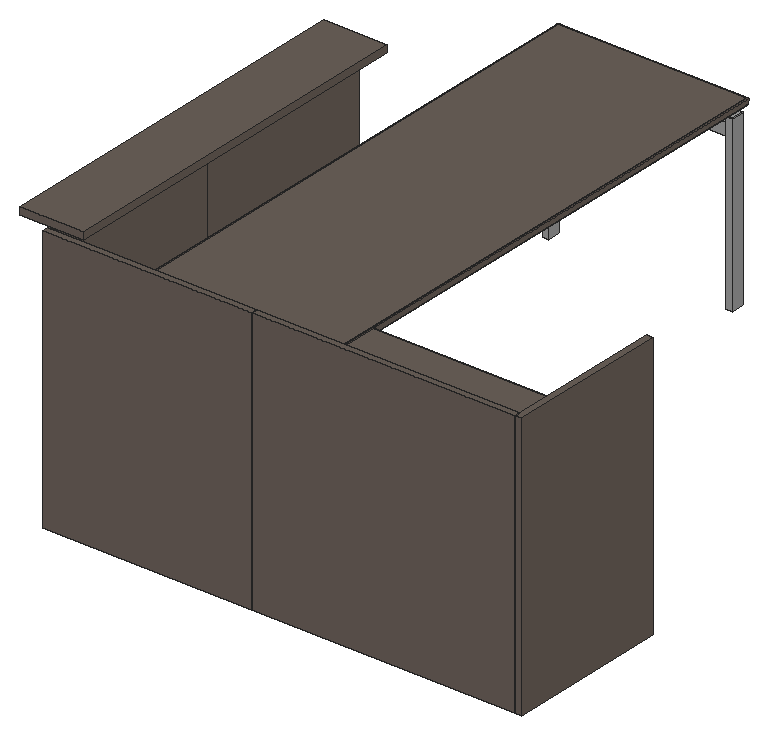
Revit family "OFS TYPICAL T100183", category Furniture, Revit 2022
Family settings
  OmniClass Number = 23.40.20.00
  OmniClass Title = General Furniture and Specialties
  Work Plane-Based = No
  Always vertical = Yes
  Cut with Voids When Loaded = No
  Render Appearance Source = Family Geometry
  Shared = No
  Room Calculation Point = No
Parameters (values of type "T100183")
  URL = "https://ofs.com/"
  Model = "T100183"
  Manufacturer = "OFS"
  Description = "OFS TYPICAL T100183"
  Default Elevation = 0' - 0"
  Copyright © = "©OFS 2021"
  Catalog = "https://ofs.com/2020-experience"
  Authoring Version = "Autodesk Revit Architecture 2015"
  Assembly Code = "E2020400"
Reference planes (in)
  plane 1 "Center Front/Back": y = 0
  plane 2: z = 0
  plane 3 "Center Left/Right": x = 0
Dimensions and locks (in)
  aligned and locked: level to plane 2
Nested families (in)
  nested 1: "STAKS SUPPORT H LEG" at (-12.12535, 29.71114, 0) x (0, -1, 0) z (0, 0, 1), type "STAKS SUPPORT H LEG 30"
  nested 2: "STAKS RECTANGULAR WORKSURFACES Long Grain" at (49.79152, -49.49752, 0) x (-1, 0, 0) z (0, 0, 1), type "STAKS RECTANGULAR WORKSURFACE 42 x 22"
    with Height Above Floor 2' - 5"
  nested 3: "STAKS RECTANGULAR WORKSURFACES Worksurface Height" at (-31.58365, -55.21885, 0) x (0, 1, 0) z (0, 0, 1), type "STAKS RECTANGULAR WORKSURFACE 96 x 30"
    with Height Above Floor 2' - 5"
  nested 4: "STAKS WORKSURFACE HEIGHT PEDESTAL - BOX-BOX-FILE - NO RISER SUPPORT" at (55.40114, -27.66352, 0) x (-1, 0, 0) z (0, 0, 1), type "STAKS WORKSURFACE HEIGHT PEDESTAL - BOX-BOX-FILE - NO RISER SUPPORT 22in D"
  nested 5: "STAKS SPINE OR DIVIDER WALL 42in" at (-34.09711, -56.71885, 0) x (0, 1, 0) z (0, 0, 1), type "STAKS SPINE OR DIVIDER WALL 42in X 30in"
    with Height Above Floor 3' - 6"
  nested 6: "STAKS SPINE OR DIVIDER WALL 42in" at (-34.09711, -26.71885, 0) x (0, 1, 0) z (0, 0, 1), type "STAKS SPINE OR DIVIDER WALL 42in X 30in"
    with Height Above Floor 3' - 6"
  nested 7: "STAKS SPINE OR DIVIDER WALL 42in" at (-39.81844, -47.33021, 0), type "STAKS SPINE OR DIVIDER WALL 42in X 33in"
    with Height Above Floor 3' - 6"
  nested 8: "STAKS SPINE OR DIVIDER WALL 42in" at (-6.81844, -47.33021, 0), type "STAKS SPINE OR DIVIDER WALL 42in X 42in"
    with Height Above Floor 3' - 6", Width 3' - 5 1/2"
  nested 9: "STAKS TRANSACTION SHELF" at (-33.85999, -2.63149, -5.375) x (-0.0021, 1, 0) z (0, 0, 1), type "STAKS TRANSACTION SHELF 60in"
  nested 10: "STAKS BENCHING 4 X 4 CLAMP PLATE" at (16.73654, -34.36213, 0), type "STAKS BENCHING 4 X 4 CLAMP PLATE"
  nested 11: "STAKS BENCHING 4 X 4 CLAMP PLATE" at (16.73654, -43.0288, 0), type "STAKS BENCHING 4 X 4 CLAMP PLATE"
  nested 12: "STAKS BENCHING CANTILEVER WORKSURFACE BRACKET - OPEN" at (-28.38811, 10.46114, 0) x (0, 1, 0) z (0, 0, 1), type "CANTILEVER WORKSURFACE BRACKET - OPEN 30in"
  nested 13: "STAKS BENCHING PRESS FIT BRACKET" at (-15.26346, -36.03921, 14.25), type "STAKS BENCHING PRESS FIT BRACKET"
  nested 14: "STAKS BENCHING PRESS FIT BRACKET" at (-15.26346, -21.03921, 14.25), type "STAKS BENCHING PRESS FIT BRACKET"
  nested 15: "STAKS BENCHING PRESS FIT BRACKET" at (-15.26346, -6.03921, 14.25), type "STAKS BENCHING PRESS FIT BRACKET"
  nested 16: "STAKS BENCHING CANTILEVER WORKSURFACE BRACKET - MINI CONCEALED" at (-20.01346, -46.19699, 0) x (-1, 0, 0) z (0, 0, 1), type "STAKS CANTILEVER WORKSURFACE BRACKET - MINI CONCEALED"
  nested 17: "STAKS BENCHING CANTILEVER WORKSURFACE BRACKET - MINI CONCEALED" at (-28.38811, -27.41386, 0) x (0, 1, 0) z (0, 0, 1), type "STAKS CANTILEVER WORKSURFACE BRACKET - MINI CONCEALED"
  nested 18: "STAKS SPINE OR DIVIDER WALL 42in" at (40.40289, -57.71884, 0) x (0, 1, 0) z (0, 0, 1), type "STAKS SPINE OR DIVIDER WALL 42in X 26in"
    with Height Above Floor 3' - 6"
  nested 19: "STAKS BENCHING CANTILEVER WORKSURFACE BRACKET - OPEN" at (-2.15941, -46.28851, 0) x (-1, 0, 0) z (0, 0, 1), type "CANTILEVER WORKSURFACE BRACKET - OPEN 30in"
Definition of nested family "STAKS SUPPORT H LEG"
  Parameters (values of type "STAKS SUPPORT H LEG 30")
    URL = "http://www.ofs.com"
    Staks Support H Leg = none
    H LEG WIDTH = 2' - 6"
    Model = "6-30HBA2"
    Manufacturer = "OFS"
    PANEL INSERT = no
    Description = "OFS STAKS SUPPORT H LEG 30\" Width, Use with 30\"D Worksurface (set of two)"
    Default Elevation = 0' - 0"
    Copyright © = "©OFS 2018"
    Catalog = "https://ofs.com/products/casegoods/private-office/staks"
    Authoring Version = "Autodesk Revit Architecture 2013"
    Assembly Code = ""
  Types (6): name | H LEG WIDTH | Model | PANEL INSERT | Description
    STAKS SUPPORT H LEG 22 | 1' - 10" | "6-22HBA2" | no | "OFS STAKS SUPPORT H LEG 22\" Width, Use with 22\"D Worksurface (set of two)"
    STAKS SUPPORT H LEG 30 | 2' - 6" | "6-30HBA2" | no | "OFS STAKS SUPPORT H LEG 30\" Width, Use with 30\"D Worksurface (set of two)"
    STAKS SUPPORT H LEG 36 | 3' - 0" | "6-36HBA1" | no | "OFS STAKS SUPPORT H LEG 36\" Width, Use with 36\"D Worksurface (single base)"
    STAKS SUPPORT WITH PANEL INSERT H LEG 22 | 1' - 10" | "6-22HBPA2" | yes | "OFS STAKS SUPPORT WITH PANEL INSERT H LEG 22\" Width, Use with 22\"D Worksurface (set of two)"
    STAKS SUPPORT WITH PANEL INSERT H LEG 30 | 2' - 6" | "6-30HBPA2" | yes | "OFS STAKS SUPPORT WITH PANEL INSERT H LEG 30\" Width, Use with 30\"D Worksurface (set of two)"
    STAKS SUPPORT WITH PANEL INSERT H LEG 36 | 3' - 0" | "6-36HBPA1" | yes | "OFS STAKS SUPPORT WITH PANEL INSERT H LEG 36\" Width, Use with 36\"D Worksurface (single base)"
  Reference planes (in)
    plane 1: z = 0
    plane 2 "Center (Front/Back)": y = -2.62465
    plane 3 "Center (Left/Right)": x = -17.5
    plane 4 "H LEG TOP": z = 27.375
    plane 5: x = -15.5
    plane 6: x = -13.5
    plane 7: y = -17.62465
    plane 8: y = 12.37535
    plane 9: z = 27.181
    plane 10: y = 11.37535
    plane 11: y = -16.62465
    plane 12: z = 25.806
    plane 13: z = 23.806
    plane 14: x = -16.5
    plane 15: x = -15.75
    plane 16: z = 25.056
  Forms (in)
    Extrusion 1, solid, material <- "Staks Support H Leg"
      sketch origin (0, 0, 27.375) x (0, -1, 0) y (1, 0, 0)
        loop
          line (-12.37535, -15.5) -> (-12.37535, -17.5) -> (17.62465, -17.5) -> (17.62465, -15.5) -> (16.62465, -15.5) -> (15.46995, -13.5) -> (-10.22065, -13.5) -> (-11.37535, -15.5) -> (-12.37535, -15.5)
      from -0.194 to 0
    Extrusion 2, solid, material <- "Staks Support H Leg"
      sketch origin (0, 0, 27.375) x (0, -1, 0) y (1, 0, 0)
        loop
          line (-11.37535, -15.5) -> (-12.37535, -15.5) -> (-12.37535, -17.5) -> (-11.37535, -17.5) -> (-11.37535, -15.5)
      from -27.375 to -0.194
    Extrusion 3, solid, material <- "Staks Support H Leg"
      sketch origin (0, 0, 27.375) x (0, -1, 0) y (1, 0, 0)
        loop
          line (16.62465, -17.5) -> (17.62465, -17.5) -> (17.62465, -15.5) -> (16.62465, -15.5) -> (16.62465, -17.5)
      from -27.375 to -0.194
    Extrusion 4, solid, material <- "Staks Support H Leg"
      sketch origin (0, -1.24965, 0) x (1, 0, 0) y (0, 0, 1)
        loop
          line (-16.5, 25.806) -> (-17.5, 25.806) -> (-17.5, 23.806) -> (-16.5, 23.806) -> (-16.5, 25.806)
      from -12.625 to 15.375
    Extrusion 5, solid, visible <- "PANEL INSERT"
      sketch origin (0, -1.24965, 0) x (1, 0, 0) y (0, 0, 1)
        loop
          line (-15.75, 25.056) -> (-16.5, 25.056) -> (-16.5, 0) -> (-15.75, 0) -> (-15.75, 25.056)
      from -12.625 to 15.375
  Lines and regions (in)
    Masking region 1
      outline origin (0, 0, 27.375) x (0, -1, 0) y (1, 0, 0)
        loop
          line (16.62465, -15.5) -> (15.46995, -13.5) -> (-10.22065, -13.5) -> (-11.37535, -15.5) -> (-11.37535, -17.5) -> (16.62465, -17.5) -> (16.62465, -15.5)
    Masking region 2
      outline origin (0, 0, 27.375) x (0, -1, 0) y (1, 0, 0)
        loop
          line (-11.37535, -15.5) -> (-12.37535, -15.5) -> (-12.37535, -17.5) -> (-11.37535, -17.5) -> (-11.37535, -15.5)
    Masking region 3
      outline origin (0, 0, 27.375) x (0, -1, 0) y (1, 0, 0)
        loop
          line (17.62465, -15.5) -> (16.62465, -15.5) -> (16.62465, -17.5) -> (17.62465, -17.5) -> (17.62465, -15.5)
    Masking region 4, visible <- "PANEL INSERT"
      outline origin (0, 0, 27.375) x (0, -1, 0) y (1, 0, 0)
        loop
          line (-11.37535, -15.75) -> (-11.37535, -16.5) -> (16.62465, -16.5) -> (16.62465, -15.75) -> (-11.37535, -15.75)
  Dimensions and locks (in)
    locked: plane 4 "H LEG TOP" to plane 1 at 27.375
    plane 3 "Center (Left/Right)" to plane 5 to plane 6 = 0' - 2" locked, 0' - 2" locked
    equal spacing: plane 7, plane 2 "Center (Front/Back)", plane 8
    "H LEG WIDTH": plane 7 to plane 8
    locked: plane 4 "H LEG TOP" to plane 9 at 0.194
    locked: plane 10 to plane 8 at 1
    locked: plane 7 to plane 11 at 1
    locked: plane 9 to plane 12 at 1.375
    locked: plane 12 to plane 13 at 2
    locked: plane 14 to plane 3 "Center (Left/Right)" at 1
    locked: plane 9 to plane 16 at 2.125
    locked: plane 15 to plane 3 "Center (Left/Right)" at 1.75
    locked: Extrusion 1 sketch curve to Extrusion 1 sketch curve (angle 120.00°)  (x2)
    aligned and locked: level to plane 1
    aligned and locked: plane 9 to Extrusion 1
    aligned and locked: Extrusion 1 to plane 4 "H LEG TOP"
    aligned and locked: Extrusion 1 to plane 8
    aligned and locked: plane 7 to Extrusion 1
    aligned and locked: Extrusion 1 sketch curve to plane 3 "Center (Left/Right)"
    aligned and locked: Extrusion 1 sketch curve to plane 8
    aligned and locked: Extrusion 1 sketch curve to plane 5
    aligned and locked: Extrusion 1 sketch curve to plane 6
    aligned and locked: plane 5 to Extrusion 1 sketch curve
    aligned and locked: plane 7 to Extrusion 1 sketch curve
    aligned and locked: Extrusion 3 to plane 1
    aligned and locked: Extrusion 3 to plane 9
    aligned and locked: Extrusion 2 to plane 9
    aligned and locked: Extrusion 2 to plane 1
    aligned and locked: Extrusion 2 sketch curve to plane 8
    aligned and locked: plane 5 to Extrusion 2 sketch curve
    aligned and locked: Extrusion 2 sketch curve to plane 3 "Center (Left/Right)"
    aligned and locked: plane 10 to Extrusion 2 sketch curve
    aligned and locked: plane 7 to Extrusion 3 sketch curve
    aligned and locked: plane 5 to Extrusion 3 sketch curve
    aligned and locked: Extrusion 3 sketch curve to plane 11
    aligned and locked: Extrusion 3 sketch curve to plane 3 "Center (Left/Right)"
    aligned and locked: Extrusion 4 sketch curve to plane 12
    aligned and locked: plane 13 to Extrusion 4 sketch curve
    aligned and locked: Extrusion 4 sketch curve to plane 3 "Center (Left/Right)"
    aligned and locked: plane 14 to Extrusion 4 sketch curve
    aligned and locked: Extrusion 4 to plane 10
    aligned and locked: plane 11 to Extrusion 4
    aligned and locked: Extrusion 5 sketch curve to plane 16
    aligned and locked: Extrusion 5 sketch curve to plane 14
    aligned and locked: plane 15 to Extrusion 5 sketch curve
    aligned and locked: Extrusion 5 sketch curve to plane 1
    aligned and locked: Extrusion 5 to plane 16
    aligned and locked: Extrusion 5 to plane 1
    aligned and locked: plane 11 to Extrusion 5
    aligned and locked: Extrusion 5 to plane 10
  Automatic sketch dimensions
    Extrusion 1 sketch curve to Extrusion 1 sketch curve = 0' - 1"
    Extrusion 1 sketch curve to plane 7 = 0' - 1"
    Masking region 1 sketch curve to plane 5 = 0' - 0"  (x2)
    Masking region 1 sketch curve to plane 6 = 0' - 0"
    Masking region 1 sketch curve to plane 3 "Center (Left/Right)" = 0' - 0"
    plane 8 to Masking region 1 sketch curve = 0' - 1"
    plane 8 to Masking region 1 sketch curve = 0' - 2.1547"
    Masking region 1 sketch curve to plane 7 = 0' - 2.1547"
    Masking region 1 sketch curve to plane 7 = 0' - 1"
    plane 8 to Masking region 2 sketch curve = 0' - 0"
    Masking region 2 sketch curve to plane 3 "Center (Left/Right)" = 0' - 0"
    Masking region 2 sketch curve to plane 5 = 0' - 0"
    Masking region 2 sketch curve to Masking region 2 sketch curve = 0' - 1"
    Masking region 3 sketch curve to plane 3 "Center (Left/Right)" = 0' - 0"
    plane 7 to Masking region 3 sketch curve = 0' - 0"
    Masking region 3 sketch curve to plane 5 = 0' - 0"
    Masking region 3 sketch curve to plane 7 = 0' - 1"
    plane 10 to Masking region 4 sketch curve = 0' - 0"
    plane 11 to Masking region 4 sketch curve = 0' - 0"
    Masking region 4 sketch curve to plane 14 = 0' - 0"
    Masking region 4 sketch curve to plane 15 = 0' - 0"
Definition of nested family "STAKS RECTANGULAR WORKSURFACES Long Grain"
  Parameters (values of type "STAKS RECTANGULAR WORKSURFACE 42 x 22")
    URL = "http://www.ofs.com/"
    Staks Rectangular Worksurface = none
    Height Above Floor [instance] = 2' - 5"
    Height = 0' - 1 1/8"
    Depth = 1' - 10"
    Model = "6-MCT-42/22"
    Manufacturer = "OFS"
    Description = "OFS STAKS 42 X 22 RECTANGULAR WORKSURFACE For Worksurface or Low Height Applications, Long Grain"
    Width = 3' - 6"
    Default Elevation = 0' - 0"
    Copyright © = "© 2018 OFS"
    Catalog = "https://ofs.com/products/casegoods/private-office/staks"
    Authoring Version = "Autodesk Revit Architecture 2013"
    Assembly Code = "E2020200"
  Types (27): name | Model | Description | Width
    STAKS RECTANGULAR WORKSURFACE 15.625 x 22 | "6-MCT-15.625/22" | "OFS STAKS 15.625 X 22 RECTANGULAR WORKSURFACE For Worksurface or Low Height Applications, Long Grain" | 1' - 3 5/8"
    STAKS RECTANGULAR WORKSURFACE 24 x 22 | "6-MCT-24/22" | "OFS STAKS 24 X 22 RECTANGULAR WORKSURFACE For Worksurface or Low Height Applications, Long Grain" | 2' - 0"
    STAKS RECTANGULAR WORKSURFACE 30 x 22 | "6-MCT-30/22" | "OFS STAKS 30 X 22 RECTANGULAR WORKSURFACE For Worksurface or Low Height Applications, Long Grain" | 2' - 6"
    STAKS RECTANGULAR WORKSURFACE 34 x 22 | "6-MCT-34/22" | "OFS STAKS 34 X 22 RECTANGULAR WORKSURFACE For Worksurface or Low Height Applications, Long Grain" | 2' - 10"
    STAKS RECTANGULAR WORKSURFACE 36 x 22 | "6-MCT-36/22" | "OFS STAKS 36 X 22 RECTANGULAR WORKSURFACE For Worksurface or Low Height Applications, Long Grain" | 3' - 0"
    STAKS RECTANGULAR WORKSURFACE 42 x 22 | "6-MCT-42/22" | "OFS STAKS 42 X 22 RECTANGULAR WORKSURFACE For Worksurface or Low Height Applications, Long Grain" | 3' - 6"
    STAKS RECTANGULAR WORKSURFACE 46 x 22 | "6-MCT-46/22" | "OFS STAKS 46 X 22 RECTANGULAR WORKSURFACE For Worksurface or Low Height Applications, Long Grain" | 3' - 10"
    STAKS RECTANGULAR WORKSURFACE 48 x 22 | "6-MCT-48/22" | "OFS STAKS 48 X 22 RECTANGULAR WORKSURFACE For Worksurface or Low Height Applications, Long Grain" | 4' - 0"
    STAKS RECTANGULAR WORKSURFACE 48.5 x 22 | "6-MCT-48.5/22" | "OFS STAKS 48.5 X 22 RECTANGULAR WORKSURFACE For Worksurface or Low Height Applications, Long Grain" | 4' - 0 1/2"
    STAKS RECTANGULAR WORKSURFACE 54 x 22 | "6-MCT-54/22" | "OFS STAKS 54 X 22 RECTANGULAR WORKSURFACE For Worksurface or Low Height Applications, Long Grain" | 4' - 6"
    STAKS RECTANGULAR WORKSURFACE 55.5 x 22 | "6-MCT-55.5/22" | "OFS STAKS 55.5 X 22 RECTANGULAR WORKSURFACE For Worksurface or Low Height Applications, Long Grain" | 4' - 7 1/2"
    STAKS RECTANGULAR WORKSURFACE 59 x 22 | "6-MCT-59/22" | "OFS STAKS 59 X 22 RECTANGULAR WORKSURFACE For Worksurface or Low Height Applications, Long Grain" | 4' - 11"
    STAKS RECTANGULAR WORKSURFACE 60 x 22 | "6-MCT-60/22" | "OFS STAKS 60 X 22 RECTANGULAR WORKSURFACE For Worksurface or Low Height Applications, Long Grain" | 5' - 0"
    STAKS RECTANGULAR WORKSURFACE 64 x 22 | "6-MCT-64/22" | "OFS STAKS 64 X 22 RECTANGULAR WORKSURFACE For Worksurface or Low Height Applications, Long Grain" | 5' - 4"
    STAKS RECTANGULAR WORKSURFACE 66 x 22 | "6-MCT-66/22" | "OFS STAKS 66 X 22 RECTANGULAR WORKSURFACE For Worksurface or Low Height Applications, Long Grain" | 5' - 6"
    STAKS RECTANGULAR WORKSURFACE 69.625 x 22 | "6-MCT-69.625/22" | "OFS STAKS 69.625 X 22 RECTANGULAR WORKSURFACE For Worksurface or Low Height Applications, Long Grain" | 5' - 9 5/8"
    STAKS RECTANGULAR WORKSURFACE 70.5 x 22 | "6-MCT-70.5/22" | "OFS STAKS 70.5 X 22 RECTANGULAR WORKSURFACE For Worksurface or Low Height Applications, Long Grain" | 5' - 10 1/2"
    STAKS RECTANGULAR WORKSURFACE 72 x 22 | "6-MCT-72/22" | "OFS STAKS 72 X 22 RECTANGULAR WORKSURFACE For Worksurface or Low Height Applications, Long Grain" | 6' - 0"
    STAKS RECTANGULAR WORKSURFACE 74 x 22 | "6-MCT-74/22" | "OFS STAKS 74 X 22 RECTANGULAR WORKSURFACE For Worksurface or Low Height Applications, Long Grain" | 6' - 2"
    STAKS RECTANGULAR WORKSURFACE 78 x 22 | "6-MCT-78/22" | "OFS STAKS 78 X 22 RECTANGULAR WORKSURFACE For Worksurface or Low Height Applications, Long Grain" | 6' - 6"
    STAKS RECTANGULAR WORKSURFACE 82.5 x 22 | "6-MCT-82.5/22" | "OFS STAKS 82.5 X 22 RECTANGULAR WORKSURFACE For Worksurface or Low Height Applications, Long Grain" | 6' - 10 1/2"
    STAKS RECTANGULAR WORKSURFACE 84 x 22 | "6-MCT-84/22" | "OFS STAKS 84 X 22 RECTANGULAR WORKSURFACE For Worksurface or Low Height Applications, Long Grain" | 7' - 0"
    STAKS RECTANGULAR WORKSURFACE 87.625 x 22 | "6-MCT-87.625/22" | "OFS STAKS 87.625 X 22 RECTANGULAR WORKSURFACE For Worksurface or Low Height Applications, Long Grain" | 7' - 3 5/8"
    STAKS RECTANGULAR WORKSURFACE 90 x 22 | "6-MCT-90/22" | "OFS STAKS 90 X 22 RECTANGULAR WORKSURFACE For Worksurface or Low Height Applications, Long Grain" | 7' - 6"
    STAKS RECTANGULAR WORKSURFACE 94 x 22 | "6-MCT-94/22" | "OFS STAKS 94 X 22 RECTANGULAR WORKSURFACE For Worksurface or Low Height Applications, Long Grain" | 7' - 10"
    STAKS RECTANGULAR WORKSURFACE 96 x 22 | "6-MCT-96/22" | "OFS STAKS 96 X 22 RECTANGULAR WORKSURFACE For Worksurface or Low Height Applications, Long Grain" | 8' - 0"
    STAKS RECTANGULAR WORKSURFACE 40 x 22 | "6-MCT-40/22" | "OFS STAKS 42 X 22 RECTANGULAR WORKSURFACE For Worksurface or Low Height Applications, Long Grain" | 3' - 4"
  Reference planes (in)
    plane 1: z = -0.125
    plane 2 "LEFT": x = 7.55498
    plane 3 "RIGHT": x = 49.55498
    plane 4 "BACK": y = -1.83365
    plane 5 "FRONT": y = -23.83365
    plane 6: x = 7.67998
    plane 7: x = 49.42998
    plane 8: y = -1.95865
    plane 9: y = -23.70865
    plane 10: z = 27.75
    plane 11 "SURFACE TOP": z = 28.875
  Forms (in)
    Extrusion 1, solid, material <- "Staks Rectangular Worksurface"
      sketch origin (0, 0, 17.125) x (-1, 0, 0) y (0, -1, 0)
        loop
          line (-7.67998, 1.95865) -> (-7.67998, 23.70865) -> (-49.42998, 23.70865) -> (-49.42998, 1.95865) -> (-7.67998, 1.95865)
      from 11.75 to 10.625
    Sweep 2, solid
      path origin (0, 0, 28.875) x (0, 1, 0) y (-1, 0, 0)
        loop
          line (-23.83365, -7.55498) -> (-23.83365, -49.55498) -> (-1.83365, -49.55498) -> (-1.83365, -7.55498) -> (-23.83365, -7.55498)
      profile origin (28.55498, -23.83365, 28.875) x (0, 1, 0) y (0, 0, 1)
        loop
          arc (0.125, 0) -> (0.03661, -0.03661) -> (0, -0.125) r 0.125
          line (0, -0.125) -> (0, -1)
          arc (0, -1) -> (0.03661, -1.08839) -> (0.125, -1.125) r 0.125
          line (0.125, -1.125) -> (0.125, 0)
  Lines and regions (in)
    Masking region 1
      outline origin (0, 0, 16.625) x (-1, 0, 0) y (0, -1, 0)
        loop
          line (-7.67998, 1.95865) -> (-7.55498, 1.83365) -> (-7.55498, 23.83365) -> (-7.67998, 23.70865) -> (-7.67998, 1.95865)
    Masking region 2
      outline origin (0, 0, 16.625) x (-1, 0, 0) y (0, -1, 0)
        loop
          line (-7.55498, 1.83365) -> (-7.67998, 1.95865) -> (-49.42998, 1.95865) -> (-49.55498, 1.83365) -> (-7.55498, 1.83365)
    Masking region 3
      outline origin (0, 0, 16.625) x (-1, 0, 0) y (0, -1, 0)
        loop
          line (-49.55498, 1.83365) -> (-49.42998, 1.95865) -> (-49.42998, 23.70865) -> (-49.55498, 23.83365) -> (-49.55498, 1.83365)
    Masking region 4
      outline origin (0, 0, 16.625) x (-1, 0, 0) y (0, -1, 0)
        loop
          line (-49.55498, 23.83365) -> (-49.42998, 23.70865) -> (-7.67998, 23.70865) -> (-7.55498, 23.83365) -> (-49.55498, 23.83365)
    Masking region 5
      outline origin (0, 0, 16.625) x (-1, 0, 0) y (0, -1, 0)
        loop
          line (-49.42998, 23.70865) -> (-49.42998, 1.95865) -> (-7.67998, 1.95865) -> (-7.67998, 23.70865) -> (-49.42998, 23.70865)
  Dimensions and locks (in)
    "Depth": plane 4 "BACK" to plane 5 "FRONT"
    "Width": plane 2 "LEFT" to plane 3 "RIGHT"
    "Height": plane 11 "SURFACE TOP" to plane 10
    locked: plane 4 "BACK" to plane 8 at 0.125
    locked: plane 2 "LEFT" to plane 6 at 0.125
    locked: plane 7 to plane 3 "RIGHT" at 0.125
    locked: plane 9 to plane 5 "FRONT" at 0.125
    "Height Above Floor": plane 11 "SURFACE TOP" to level
    aligned: level to plane 1
    aligned and locked: plane 8 to Extrusion 1 sketch curve
    aligned and locked: Extrusion 1 sketch curve to plane 6
    aligned and locked: Extrusion 1 sketch curve to plane 9
    aligned and locked: plane 7 to Extrusion 1 sketch curve
    aligned and locked: plane 11 "SURFACE TOP" to Extrusion 1
    aligned and locked: Extrusion 1 to plane 10
    aligned and locked: Sweep 2 sketch curve to plane 5 "FRONT"
    aligned and locked: Sweep 2 sketch curve to plane 2 "LEFT"
    aligned and locked: plane 4 "BACK" to Sweep 2 sketch curve
    aligned and locked: plane 3 "RIGHT" to Sweep 2 sketch curve
  Automatic sketch dimensions
    Masking region 1 sketch curve to plane 6 = 0' - 0"
    Masking region 1 sketch curve to plane 2 "LEFT" = 0' - 0"
    Masking region 1 sketch curve to plane 4 "BACK" = 0' - 0"
    Masking region 1 sketch curve to plane 8 = 0' - 0"
    Masking region 1 sketch curve to plane 9 = 0' - 0"
    Masking region 1 sketch curve to plane 5 "FRONT" = 0' - 0"
    Masking region 2 sketch curve to plane 3 "RIGHT" = 0' - 0"
    Masking region 2 sketch curve to plane 7 = 0' - 0"
    Masking region 2 sketch curve to plane 6 = 0' - 0"
    Masking region 2 sketch curve to plane 2 "LEFT" = 0' - 0"
    Masking region 2 sketch curve to plane 4 "BACK" = 0' - 0"
    Masking region 2 sketch curve to plane 8 = 0' - 0"
    Masking region 3 sketch curve to plane 3 "RIGHT" = 0' - 0"
    Masking region 3 sketch curve to plane 7 = 0' - 0"
    Masking region 3 sketch curve to plane 4 "BACK" = 0' - 0"
    Masking region 3 sketch curve to plane 8 = 0' - 0"
    Masking region 3 sketch curve to plane 9 = 0' - 0"
    Masking region 3 sketch curve to plane 5 "FRONT" = 0' - 0"
    Masking region 4 sketch curve to plane 3 "RIGHT" = 0' - 0"
    Masking region 4 sketch curve to plane 7 = 0' - 0"
    Masking region 4 sketch curve to plane 6 = 0' - 0"
    Masking region 4 sketch curve to plane 2 "LEFT" = 0' - 0"
    Masking region 4 sketch curve to plane 9 = 0' - 0"
    Masking region 4 sketch curve to plane 5 "FRONT" = 0' - 0"
    Masking region 5 sketch curve to plane 7 = 0' - 0"
    Masking region 5 sketch curve to plane 6 = 0' - 0"
    Masking region 5 sketch curve to plane 8 = 0' - 0"
    Masking region 5 sketch curve to plane 9 = 0' - 0"
    Sweep 2 sketch curve to profile plane = 0' - 0"
    Sweep 2 sketch curve to plane 11 "SURFACE TOP" = 0' - 0"
    Sweep 2 sketch curve to profile plane = 0' - 0 1/8"
    Sweep 2 sketch curve to Sweep 2 sketch curve = 0' - 0 7/8"
Definition of nested family "STAKS RECTANGULAR WORKSURFACES Worksurface Height"
  Parameters (values of type "STAKS RECTANGULAR WORKSURFACE 66 x 30")
    URL = "http://www.ofs.com/"
    Staks Rectangular Worksurface = none
    Height Above Floor [instance] = 2' - 5"
    Height = 0' - 1 1/8"
    Depth = 2' - 6"
    Model = "6-MCT-66/30"
    Manufacturer = "OFS"
    Description = "OFS STAKS 66\" X 30\" RECTANGULAR WORKSURFACE For Worksurface or Low Height Applications, Short Grain"
    Width = 5' - 6"
    Default Elevation = 0' - 0"
    Copyright © = "© 2018 OFS"
    Catalog = "https://ofs.com/products/casegoods/private-office/staks"
    Authoring Version = "Autodesk Revit Architecture 2013"
    Assembly Code = "E2020200"
  Types (12): name | Depth | Model | Description | Width
    STAKS RECTANGULAR WORKSURFACE 60 x 30 | 2' - 6" | "6-MCT-60/30" | "OFS STAKS 60\" X 30\" RECTANGULAR WORKSURFACE For Worksurface or Low Height Applications, Short Grain" | 5' - 0"
    STAKS RECTANGULAR WORKSURFACE 66 x 30 | 2' - 6" | "6-MCT-66/30" | "OFS STAKS 66\" X 30\" RECTANGULAR WORKSURFACE For Worksurface or Low Height Applications, Short Grain" | 5' - 6"
    STAKS RECTANGULAR WORKSURFACE 72 x 30 | 2' - 6" | "6-MCT-72/30" | "OFS STAKS 72\" X 30\" RECTANGULAR WORKSURFACE For Worksurface or Low Height Applications, Short Grain" | 6' - 0"
    STAKS RECTANGULAR WORKSURFACE 78 x 30 | 2' - 6" | "6-MCT-78/30" | "OFS STAKS 78\" X 30\" RECTANGULAR WORKSURFACE For Worksurface or Low Height Applications, Short Grain" | 6' - 6"
    STAKS RECTANGULAR WORKSURFACE 84 x 30 | 2' - 6" | "6-MCT-84/30" | "OFS STAKS 84\" X 30\" RECTANGULAR WORKSURFACE For Worksurface or Low Height Applications, Short Grain" | 7' - 0"
    STAKS RECTANGULAR WORKSURFACE 96 x 30 | 2' - 6" | "6-MCT-96/30" | "OFS STAKS 96\" X 30\" RECTANGULAR WORKSURFACE For Worksurface or Low Height Applications, Short Grain" | 8' - 0"
    STAKS RECTANGULAR WORKSURFACE 54 x 30 | 2' - 6" | "6-MCT-54/30" | "OFS STAKS 54\" X 30\" RECTANGULAR WORKSURFACE For Worksurface or Low Height Applications, Short Grain" | 4' - 6"
    STAKS RECTANGULAR WORKSURFACE 60 x 36 | 3' - 0" | "6-MCT-60/36" | "OFS STAKS 60\" X 36\" RECTANGULAR WORKSURFACE For Worksurface or Low Height Applications, Short Grain" | 5' - 0"
    STAKS RECTANGULAR WORKSURFACE 66 x 36 | 3' - 0" | "6-MCT-66/36" | "OFS STAKS 66\" X 36\" RECTANGULAR WORKSURFACE For Worksurface or Low Height Applications, Short Grain" | 5' - 6"
    STAKS RECTANGULAR WORKSURFACE 72 x 36 | 3' - 0" | "6-MCT-72/36" | "OFS STAKS 72\" X 36\" RECTANGULAR WORKSURFACE For Worksurface or Low Height Applications, Short Grain" | 6' - 0"
    STAKS RECTANGULAR WORKSURFACE 78 x 36 | 3' - 0" | "6-MCT-78/36" | "OFS STAKS 78\" X 36\" RECTANGULAR WORKSURFACE For Worksurface or Low Height Applications, Short Grain" | 6' - 6"
    STAKS RECTANGULAR WORKSURFACE 84 x 36 | 3' - 0" | "6-MCT-84/36" | "OFS STAKS 84\" X 36\" RECTANGULAR WORKSURFACE For Worksurface or Low Height Applications, Short Grain" | 7' - 0"
  Reference planes (in)
    plane 1: z = -0.125
    plane 2 "LEFT": x = 7.55498
    plane 3 "RIGHT": x = 73.55498
    plane 4 "BACK": y = -1.83365
    plane 5 "FRONT": y = -31.83365
    plane 6: x = 7.67998
    plane 7: x = 73.42998
    plane 8: y = -1.95865
    plane 9: y = -31.70865
    plane 10: z = 27.75
    plane 11 "SURFACE TOP": z = 28.875
  Forms (in)
    Extrusion 1, solid
      sketch origin (0, 0, 17.125) x (-1, 0, 0) y (0, -1, 0)
        loop
          line (-7.67998, 1.95865) -> (-7.67998, 31.70865) -> (-73.42998, 31.70865) -> (-73.42998, 1.95865) -> (-7.67998, 1.95865)
      from 11.75 to 10.625
    Sweep 2, solid, material <- "Staks Rectangular Worksurface"
      path origin (0, 0, 28.875) x (0, 1, 0) y (-1, 0, 0)
        loop
          line (-31.83365, -7.55498) -> (-31.83365, -73.55498) -> (-1.83365, -73.55498) -> (-1.83365, -7.55498) -> (-31.83365, -7.55498)
      profile origin (40.55498, -31.83365, 28.875) x (0, 1, 0) y (0, 0, 1)
        loop
          arc (0.125, 0) -> (0.03661, -0.03661) -> (0, -0.125) r 0.125
          line (0, -0.125) -> (0, -1)
          arc (0, -1) -> (0.03661, -1.08839) -> (0.125, -1.125) r 0.125
          line (0.125, -1.125) -> (0.125, 0)
  Lines and regions (in)
    Masking region 1
      outline origin (0, 0, 16.625) x (-1, 0, 0) y (0, -1, 0)
        loop
          line (-7.67998, 1.95865) -> (-7.55498, 1.83365) -> (-7.55498, 31.83365) -> (-7.67998, 31.70865) -> (-7.67998, 1.95865)
    Masking region 2
      outline origin (0, 0, 16.625) x (-1, 0, 0) y (0, -1, 0)
        loop
          line (-7.55498, 1.83365) -> (-7.67998, 1.95865) -> (-73.42998, 1.95865) -> (-73.55498, 1.83365) -> (-7.55498, 1.83365)
    Masking region 3
      outline origin (0, 0, 16.625) x (-1, 0, 0) y (0, -1, 0)
        loop
          line (-73.55498, 1.83365) -> (-73.42998, 1.95865) -> (-73.42998, 31.70865) -> (-73.55498, 31.83365) -> (-73.55498, 1.83365)
    Masking region 4
      outline origin (0, 0, 16.625) x (-1, 0, 0) y (0, -1, 0)
        loop
          line (-73.55498, 31.83365) -> (-73.42998, 31.70865) -> (-7.67998, 31.70865) -> (-7.55498, 31.83365) -> (-73.55498, 31.83365)
    Masking region 5
      outline origin (0, 0, 16.625) x (-1, 0, 0) y (0, -1, 0)
        loop
          line (-73.42998, 31.70865) -> (-73.42998, 1.95865) -> (-7.67998, 1.95865) -> (-7.67998, 31.70865) -> (-73.42998, 31.70865)
  Dimensions and locks (in)
    "Depth": plane 4 "BACK" to plane 5 "FRONT"
    "Width": plane 2 "LEFT" to plane 3 "RIGHT"
    "Height": plane 11 "SURFACE TOP" to plane 10
    locked: plane 4 "BACK" to plane 8 at 0.125
    locked: plane 2 "LEFT" to plane 6 at 0.125
    locked: plane 7 to plane 3 "RIGHT" at 0.125
    locked: plane 9 to plane 5 "FRONT" at 0.125
    "Height Above Floor": plane 11 "SURFACE TOP" to level
    aligned: level to plane 1
    aligned and locked: plane 8 to Extrusion 1 sketch curve
    aligned and locked: Extrusion 1 sketch curve to plane 6
    aligned and locked: Extrusion 1 sketch curve to plane 9
    aligned and locked: plane 7 to Extrusion 1 sketch curve
    aligned and locked: plane 11 "SURFACE TOP" to Extrusion 1
    aligned and locked: Extrusion 1 to plane 10
    aligned and locked: Sweep 2 sketch curve to plane 5 "FRONT"
    aligned and locked: Sweep 2 sketch curve to plane 2 "LEFT"
    aligned and locked: plane 4 "BACK" to Sweep 2 sketch curve
    aligned and locked: plane 3 "RIGHT" to Sweep 2 sketch curve
  Automatic sketch dimensions
    Masking region 1 sketch curve to plane 6 = 0' - 0"
    Masking region 1 sketch curve to plane 2 "LEFT" = 0' - 0"
    Masking region 1 sketch curve to plane 4 "BACK" = 0' - 0"
    Masking region 1 sketch curve to plane 8 = 0' - 0"
    Masking region 1 sketch curve to plane 9 = 0' - 0"
    Masking region 1 sketch curve to plane 5 "FRONT" = 0' - 0"
    Masking region 2 sketch curve to plane 3 "RIGHT" = 0' - 0"
    Masking region 2 sketch curve to plane 7 = 0' - 0"
    Masking region 2 sketch curve to plane 6 = 0' - 0"
    Masking region 2 sketch curve to plane 2 "LEFT" = 0' - 0"
    Masking region 2 sketch curve to plane 4 "BACK" = 0' - 0"
    Masking region 2 sketch curve to plane 8 = 0' - 0"
    Masking region 3 sketch curve to plane 3 "RIGHT" = 0' - 0"
    Masking region 3 sketch curve to plane 7 = 0' - 0"
    Masking region 3 sketch curve to plane 4 "BACK" = 0' - 0"
    Masking region 3 sketch curve to plane 8 = 0' - 0"
    Masking region 3 sketch curve to plane 9 = 0' - 0"
    Masking region 3 sketch curve to plane 5 "FRONT" = 0' - 0"
    Masking region 4 sketch curve to plane 3 "RIGHT" = 0' - 0"
    Masking region 4 sketch curve to plane 7 = 0' - 0"
    Masking region 4 sketch curve to plane 6 = 0' - 0"
    Masking region 4 sketch curve to plane 2 "LEFT" = 0' - 0"
    Masking region 4 sketch curve to plane 9 = 0' - 0"
    Masking region 4 sketch curve to plane 5 "FRONT" = 0' - 0"
    Masking region 5 sketch curve to plane 7 = 0' - 0"
    Masking region 5 sketch curve to plane 6 = 0' - 0"
    Masking region 5 sketch curve to plane 8 = 0' - 0"
    Masking region 5 sketch curve to plane 9 = 0' - 0"
    Sweep 2 sketch curve to profile plane = 0' - 0"
    Sweep 2 sketch curve to plane 11 "SURFACE TOP" = 0' - 0"
    Sweep 2 sketch curve to profile plane = 0' - 0 1/8"
    Sweep 2 sketch curve to Sweep 2 sketch curve = 0' - 0 7/8"
Definition of nested family "STAKS WORKSURFACE HEIGHT PEDESTAL - BOX-BOX-FILE - NO RISER SUPPORT"
  Parameters (values of type "STAKS WORKSURFACE HEIGHT PEDESTAL - BOX-BOX-FILE - NO RISER SUPPORT 19in D")
    URL = "http://www.ofs.com/"
    Riser Support = 0' - 0"
    Model = "6-NW1619MPD1"
    Manufacturer = "OFS"
    Height = 2' - 3 7/8"
    Drawer Material = none
    Drawer Handle Width = 0' - 5 7/16"
    Drawer Handle Material = none
    Description = "OFS STAKS WORKSURFACE HEIGHT PEDESTAL - BOX-BOX-FILE - NO RISER SUPPORT 19\" D, Two Box Drawers, Use with 22\"D Worksurfaces"
    Width = 1' - 3 5/8"
    Depth = 1' - 7 3/8"
    Default Elevation = 0' - 0"
    DH2 = 0' - 6 1/2"
    DH1 = 1' - 2 3/8"
    Copyright © = "© 2018 OFS"
    Chasis Material = none
    Catalog = "https://ofs.com/products/casegoods/private-office/staks"
    Board Thickness = 0' - 0 3/4"
    Authoring Version = "Autodesk Revit Architecture 2013"
    Assembly Code = "E2020200"
  Types (6): name | Model | Description | Depth
    STAKS WORKSURFACE HEIGHT PEDESTAL - BOX-BOX-FILE - NO RISER SUPPORT 19in D | "6-NW1619MPD1" | "OFS STAKS WORKSURFACE HEIGHT PEDESTAL - BOX-BOX-FILE - NO RISER SUPPORT 19\" D, Two Box Drawers, Use with 22\"D Worksurfaces" | 1' - 7 3/8"
    STAKS WORKSURFACE HEIGHT PEDESTAL - BOX-BOX-FILE - NO RISER SUPPORT 22in D | "6-NW1622MPD1" | "OFS STAKS WORKSURFACE HEIGHT PEDESTAL - BOX-BOX-FILE - NO RISER SUPPORT 22\" D, Two Box Drawers, Use with 22\"D Worksurfaces" | 1' - 9 7/8"
    STAKS WORKSURFACE HEIGHT PEDESTAL - BOX-BOX-FILE - NO RISER SUPPORT 27in D | "6-NW1627MPD1" | "OFS STAKS WORKSURFACE HEIGHT PEDESTAL - BOX-BOX-FILE - NO RISER SUPPORT 27\" D, Two Box Drawers, Use with 30\"D Worksurfaces" | 2' - 3 3/8"
    STAKS WORKSURFACE HEIGHT PEDESTAL - BOX-BOX-FILE - NO RISER SUPPORT 30in D | "6-NW1630MPD1" | "OFS STAKS WORKSURFACE HEIGHT PEDESTAL - BOX-BOX-FILE - NO RISER SUPPORT 30\" D, Two Box Drawers, Use with 30\"D Worksurfaces" | 2' - 5 7/8"
    STAKS WORKSURFACE HEIGHT PEDESTAL - BOX-BOX-FILE - NO RISER SUPPORT 33in D | "6-NW1633MPD1" | "OFS STAKS WORKSURFACE HEIGHT PEDESTAL - BOX-BOX-FILE - NO RISER SUPPORT 33\" D, Two Box Drawers, Use with 36\"D Worksurfaces" | 2' - 9 3/8"
    STAKS WORKSURFACE HEIGHT PEDESTAL - BOX-BOX-FILE - NO RISER SUPPORT 36in D | "6-NW1636MPD1" | "OFS STAKS WORKSURFACE HEIGHT PEDESTAL - BOX-BOX-FILE - NO RISER SUPPORT 36\" D, Two Box Drawers, Use with 36\"D Worksurfaces" | 2' - 11 7/8"
  Reference planes (in)
    plane 1: z = 0
    plane 2 "Right": x = 20.97711
    plane 3: z = 27.875
    plane 4: z = 14.375
    plane 5: z = 14.25
    plane 6: z = 0
    plane 7: z = 14
    plane 8: z = 27.625
    plane 9: z = 13.531
    plane 10: z = 27.15625
    plane 11: x = 13.16461
    plane 12: y = 1.37535
    plane 13: y = 0.62535
    plane 14: x = 13.22711
    plane 15: x = 28.72661
    plane 16: x = 13.91461
    plane 17: y = 20.00035
    plane 18: x = 28.78961
    plane 19: x = 28.03961
    plane 20: x = 18.25836
    plane 21: x = 18.63336
    plane 22: x = 23.69586
    plane 23: x = 23.32086
    plane 24: y = -0.18715
    plane 25: y = -0.37465
    plane 26: z = 20.875
    plane 27: z = 20.75
    plane 28: z = 20.5
    plane 29: z = 20.031
    plane 30: z = 0.25
    plane 31: y = 19.25035
    plane 32: z = 0.75
    plane 33: y = 16.75035
    plane 34: y = 4.37535
    plane 35: y = 8.37535
    plane 36: y = 12.75035
    plane 37: y = 5.00035
    plane 38: y = 13.37535
    plane 39: z = 28
  Forms (in)
    Extrusion 1, solid, material <- "Drawer Material"
      sketch origin (20.35211, 5, -13.1802) x (0, 1, 0) y (0, 0, 1)
        loop
          line (-4.37465, 27.4302) -> (-4.37465, 13.4302) -> (-3.62465, 13.4302) -> (-3.62465, 27.4302) -> (-4.37465, 27.4302)
      from -7.125 to 8.3745
    Extrusion 2, solid, material <- "Drawer Material"
      sketch origin (20.35211, 2.25, -7.68015) x (0, 1, 0) y (0, 0, 1)
        loop
          line (-1.62465, 28.43015) -> (-1.62465, 22.05515) -> (-0.87465, 22.05515) -> (-0.87465, 28.43015) -> (-1.62465, 28.43015)
      from -7.125 to 8.3745
    Extrusion 3, solid, material <- "Chasis Material"
      sketch origin (-3, -1.24965, 0) x (1, 0, 0) y (0, 0, 1)
        loop
          line (16.16461, 0) -> (16.91461, 0) -> (16.91461, 27.875) -> (16.16461, 27.875) -> (16.16461, 0)
      from -21.25 to -2.625
    Extrusion 4, solid, material <- "Chasis Material"
      sketch origin (19.35211, 31.02324, 0) x (0, 1, 0) y (0, 0, 1)
        loop
          line (-11.77289, 0) -> (-11.02289, 0) -> (-11.02289, 27.875) -> (-11.77289, 27.875) -> (-11.77289, 0)
      from -5.4375 to 8.6875
    Extrusion 5, solid, material <- "Drawer Handle Material"
      sketch origin (9, 0, 9.60933) x (1, 0, 0) y (0, 1, 0)
        loop
          line (9.25836, 0.62535) -> (9.25836, -0.37465) -> (14.69586, -0.37465) -> (14.69586, 0.62535) -> (14.32086, 0.62535) -> (14.32086, -0.18715) -> (9.63336, -0.18715) -> (9.63336, 0.62535) -> (9.25836, 0.62535)
      from 3.92167 to 4.39067
    Extrusion 6, solid, material <- "Drawer Handle Material"
      sketch origin (9, 0, 20.67137) x (1, 0, 0) y (0, 1, 0)
        loop
          line (9.25836, 0.62535) -> (9.25836, -0.37465) -> (14.69586, -0.37465) -> (14.69586, 0.62535) -> (14.32086, 0.62535) -> (14.32086, -0.18715) -> (9.63336, -0.18715) -> (9.63336, 0.62535) -> (9.25836, 0.62535)
      from -0.64037 to -0.17137
    Extrusion 7, solid, material <- "Chasis Material"
      sketch origin (0, 0, 0) x (1, 0, 0) y (0, 1, 0)
        loop
          line (28.78961, 20.00035) -> (28.03961, 20.00035) -> (28.03961, 1.37535) -> (28.78961, 1.37535) -> (28.78961, 20.00035)
      from 0 to 27.875
    Extrusion 8, solid, material <- "Drawer Material"
      sketch origin (20.35211, 2.25, 0.06985) x (0, 1, 0) y (0, 0, 1)
        loop
          line (-1.62465, 27.80515) -> (-1.62465, 20.80515) -> (-0.87465, 20.80515) -> (-0.87465, 27.80515) -> (-1.62465, 27.80515)
      from -7.125 to 8.3745
    Extrusion 9, solid, material <- "Drawer Handle Material"
      sketch origin (9, 0, 28.42137) x (1, 0, 0) y (0, 1, 0)
        loop
          line (9.25836, 0.62535) -> (9.25836, -0.37465) -> (14.69586, -0.37465) -> (14.69586, 0.62535) -> (14.32086, 0.62535) -> (14.32086, -0.18715) -> (9.63336, -0.18715) -> (9.63336, 0.62535) -> (9.25836, 0.62535)
      from -1.26512 to -0.79637
    Extrusion 10, solid, material <- "Chasis Material"
      sketch origin (-29.79592, -1.62465, 7.24693) x (1, 0, 0) y (0, 0, 1)
        loop
          line (43.71054, 19.90932) -> (57.83554, 19.90932) -> (57.83554, 20.62807) -> (43.71054, 20.62807) -> (43.71054, 19.90932)
      from -18.375 to -14.375
    Extrusion 11, solid, material <- "Chasis Material"
      sketch origin (-29.79592, -7.12465, 7.24693) x (1, 0, 0) y (0, 0, 1)
        loop
          line (43.71054, 19.90932) -> (57.83554, 19.90932) -> (57.83554, 20.62807) -> (43.71054, 20.62807) -> (43.71054, 19.90932)
      from -15.5 to -11.5
    Extrusion 12, solid, material <- "Chasis Material"
      sketch origin (-31.5409, -1.62465, -42.72261) x (1, 0, 0) y (0, 0, 1)
        loop
          line (45.45551, 42.72261) -> (59.58051, 42.72261) -> (59.58051, 43.47261) -> (45.45551, 43.47261) -> (45.45551, 42.72261)
      from -20.875 to -3
    Extrusion 13, solid
      sketch origin (0, 0, 0) x (1, 0, 0) y (0, 1, 0)
        loop
          line (28.72661, 20.00035) -> (28.03961, 20.00035) -> (28.03961, 13.37535) -> (13.91461, 13.37535) -> (13.91461, 20.00035) -> (13.22711, 20.00035) -> (13.22711, 0.62535) -> (13.91461, 0.62535) -> (13.91461, 4.37535) -> (28.03961, 4.37535) -> (28.03961, 0.62535) -> (28.72661, 0.62535) -> (28.72661, 20.00035)
        loop
          line (28.03961, 5.00035) -> (28.03961, 12.75035) -> (13.91461, 12.75035) -> (13.91461, 5.00035) -> (28.03961, 5.00035)
      from 27.875 to 28
  Dimensions and locks (in)
    "Board Thickness": plane 13 to plane 12
    locked: plane 11 to plane 14 at 0.0625
    "Board Thickness": plane 11 to plane 16
    locked: plane 15 to plane 18 at 0.063
    "Width": plane 11 to plane 18
    Extrusion 7 sketch curve to plane 18 = 0' - 0 3/4"
    "Board Thickness": plane 19 to plane 18
    equal spacing: plane 11, plane 2 "Right", plane 18
    locked: plane 20 to plane 21 at 0.375
    locked: plane 23 to plane 22 at 0.375
    equal spacing: plane 20, plane 2 "Right", plane 22
    "Drawer Handle Width": plane 20 to plane 22
    plane 25 to plane 24 to plane 13 = 0' - 0 3/16" locked, 0' - 0 13/16" locked
    "Riser Support": plane 6 to level
    "Height": plane 3 to plane 6
    "DH1": plane 4 to plane 6
    "DH2": plane 26 to plane 4
    locked: plane 30 to plane 6 at 0.25
    "Board Thickness": plane 31 to plane 17
    "Depth": plane 13 to plane 17
    plane 4 to plane 5 to plane 7 to plane 9 = 0' - 0 1/8" locked, 0' - 0 1/4" locked, 0' - 0.469" locked
    plane 26 to plane 27 to plane 28 to plane 29 = 0' - 0 1/8" locked, 0' - 0 1/4" locked, 0' - 0.469" locked
    plane 3 to plane 8 to plane 10 = 0' - 0 1/4" locked, 0' - 0 15/32" locked
    "Board Thickness": plane 32 to plane 6
    plane 12 to plane 34 to plane 35 = 0' - 3" locked, 0' - 4" locked
    plane 36 to plane 33 to plane 31 = 0' - 4" locked, 0' - 2 1/2" locked
    locked: plane 34 to plane 37 at 0.625
    locked: plane 36 to plane 38 at 0.625
    locked: plane 39 to plane 3 at 0.125
    aligned and locked: level to plane 1
    aligned and locked: Extrusion 1 to plane 14
    aligned and locked: plane 15 to Extrusion 1
    aligned and locked: Extrusion 2 to plane 12
    aligned and locked: plane 13 to Extrusion 2
    aligned and locked: plane 15 to Extrusion 2
    aligned and locked: Extrusion 2 to plane 14
    aligned and locked: plane 12 to Extrusion 3
    aligned and locked: Extrusion 3 to plane 17
    aligned and locked: Extrusion 4 to plane 16
    aligned and locked: plane 16 to Extrusion 3
    aligned and locked: Extrusion 3 to plane 11
    aligned and locked: Extrusion 4 to plane 17
    aligned and locked: Extrusion 1 sketch curve to plane 12
    aligned and locked: plane 13 to Extrusion 1 sketch curve
    aligned and locked: plane 19 to Extrusion 4
    aligned and locked: plane 3 to Extrusion 3
    aligned and locked: Extrusion 6 to plane 22
    aligned and locked: Extrusion 5 to plane 22
    aligned and locked: plane 23 to Extrusion 6
    aligned and locked: plane 23 to Extrusion 5
    aligned and locked: plane 21 to Extrusion 6
    aligned and locked: plane 21 to Extrusion 5
    aligned and locked: Extrusion 6 to plane 20
    aligned and locked: Extrusion 5 to plane 20
    aligned and locked: plane 24 to Extrusion 6
    aligned and locked: plane 7 to Extrusion 5
    aligned and locked: Extrusion 5 to plane 9
    aligned and locked: plane 3 to Extrusion 4
    aligned and locked: plane 27 to Extrusion 2
    aligned and locked: Extrusion 6 to plane 29
    aligned and locked: plane 28 to Extrusion 6
    aligned and locked: Extrusion 1 to plane 30
    aligned and locked: Extrusion 8 to plane 26
    aligned and locked: plane 3 to Extrusion 8
    aligned and locked: Extrusion 9 to plane 10
    aligned and locked: plane 8 to Extrusion 9
    aligned and locked: Extrusion 7 to plane 19
    aligned and locked: Extrusion 8 to plane 14
    aligned and locked: plane 15 to Extrusion 8
    aligned and locked: plane 3 to Extrusion 7
    aligned and locked: Extrusion 7 to plane 6
    aligned and locked: plane 3 to Extrusion 10
    aligned and locked: Extrusion 10 to plane 10
    aligned and locked: plane 19 to Extrusion 10
    aligned and locked: Extrusion 10 to plane 16
    aligned and locked: Extrusion 10 to plane 33
    aligned and locked: plane 36 to Extrusion 10
    aligned and locked: plane 34 to Extrusion 11
    aligned and locked: Extrusion 11 to plane 35
    aligned and locked: plane 3 to Extrusion 11
    aligned and locked: Extrusion 11 to plane 10
    aligned and locked: plane 32 to Extrusion 12
    aligned and locked: Extrusion 12 to plane 6
    aligned and locked: Extrusion 12 to plane 31
    aligned and locked: plane 12 to Extrusion 12
    aligned and locked: plane 19 to Extrusion 12
    aligned and locked: Extrusion 12 to plane 16
    aligned and locked: Extrusion 13 to plane 3
    aligned and locked: plane 39 to Extrusion 13
  Automatic sketch dimensions
    Extrusion 1 sketch curve to plane 30 = 0' - 0"
    Extrusion 1 sketch curve to plane 5 = 0' - 0"
    Extrusion 2 sketch curve to plane 13 = 0' - 0"
    Extrusion 2 sketch curve to plane 4 = 0' - 0"
    Extrusion 2 sketch curve to plane 12 = 0' - 0"
    Extrusion 2 sketch curve to plane 27 = 0' - 0"
    Extrusion 3 sketch curve to plane 6 = 0' - 0"
    Extrusion 3 sketch curve to plane 11 = 0' - 0"
    Extrusion 3 sketch curve to plane 3 = 0' - 0"
    Extrusion 3 sketch curve to plane 16 = 0' - 0"
    Extrusion 4 sketch curve to plane 6 = 0' - 0"
    Extrusion 4 sketch curve to plane 3 = 0' - 0"
    Extrusion 4 sketch curve to plane 17 = 0' - 0"
    plane 31 to Extrusion 4 sketch curve = 0' - 0"
    plane 13 to Extrusion 5 sketch curve = 0' - 0"  (x2)
    Extrusion 5 sketch curve to plane 20 = 0' - 0"
    Extrusion 5 sketch curve to plane 21 = 0' - 0"
    Extrusion 5 sketch curve to plane 23 = 0' - 0"
    Extrusion 5 sketch curve to plane 22 = 0' - 0"
    plane 25 to Extrusion 5 sketch curve = 0' - 0"
    plane 24 to Extrusion 5 sketch curve = 0' - 0"
    plane 13 to Extrusion 6 sketch curve = 0' - 0"  (x2)
    Extrusion 6 sketch curve to plane 20 = 0' - 0"
    Extrusion 6 sketch curve to plane 21 = 0' - 0"
    Extrusion 6 sketch curve to plane 23 = 0' - 0"
    Extrusion 6 sketch curve to plane 22 = 0' - 0"
    plane 25 to Extrusion 6 sketch curve = 0' - 0"
    plane 24 to Extrusion 6 sketch curve = 0' - 0"
    plane 12 to Extrusion 7 sketch curve = 0' - 0"
    Extrusion 7 sketch curve to plane 18 = 0' - 0"
    plane 17 to Extrusion 7 sketch curve = 0' - 0"
    Extrusion 8 sketch curve to plane 3 = 0' - 0"
    Extrusion 8 sketch curve to plane 13 = 0' - 0"
    Extrusion 8 sketch curve to plane 12 = 0' - 0"
    Extrusion 8 sketch curve to plane 26 = 0' - 0"
    plane 13 to Extrusion 9 sketch curve = 0' - 0"  (x2)
    Extrusion 9 sketch curve to plane 20 = 0' - 0"
    Extrusion 9 sketch curve to plane 21 = 0' - 0"
    Extrusion 9 sketch curve to plane 23 = 0' - 0"
    Extrusion 9 sketch curve to plane 22 = 0' - 0"
    plane 25 to Extrusion 9 sketch curve = 0' - 0"
    plane 24 to Extrusion 9 sketch curve = 0' - 0"
    Extrusion 10 sketch curve to plane 10 = 0' - 0"
    Extrusion 10 sketch curve to plane 16 = 0' - 0"
    Extrusion 10 sketch curve to plane 3 = 0' - 0"
    Extrusion 10 sketch curve to plane 19 = 0' - 0"
    Extrusion 11 sketch curve to plane 10 = 0' - 0"
    Extrusion 11 sketch curve to plane 16 = 0' - 0"
    Extrusion 11 sketch curve to plane 3 = 0' - 0"
    Extrusion 11 sketch curve to plane 19 = 0' - 0"
    plane 14 to Extrusion 12 sketch curve = 0' - 0 11/16"
    Extrusion 12 sketch curve to plane 6 = 0' - 0"
    plane 6 to Extrusion 12 sketch curve = 0' - 0 3/4"
    Extrusion 12 sketch curve to plane 19 = 0' - 0"
    Extrusion 13 sketch curve to plane 14 = 0' - 0"
    Extrusion 13 sketch curve to plane 19 = 0' - 0"  (x2)
    Extrusion 13 sketch curve to plane 15 = 0' - 0"
    plane 13 to Extrusion 13 sketch curve = 0' - 0"  (x2)
    Extrusion 13 sketch curve to plane 34 = 0' - 0"
    Extrusion 13 sketch curve to plane 37 = 0' - 0"
    Extrusion 13 sketch curve to plane 38 = 0' - 0"
    Extrusion 13 sketch curve to plane 36 = 0' - 0"
    Extrusion 13 sketch curve to Extrusion 13 sketch curve = 0' - 0"  (x2)
    Extrusion 13 sketch curve to plane 16 = 0' - 0"  (x2)
    plane 17 to Extrusion 13 sketch curve = 0' - 0"  (x2)
Definition of nested family "STAKS SPINE OR DIVIDER WALL 42in"
  Parameters (values of type "STAKS SPINE OR DIVIDER WALL 42in X 24in")
    URL = "http://www.ofs.com/"
    Height Above Floor [instance] = 3' - 6"
    Height = 3' - 6"
    Depth = 0' - 1"
    Model = "6-PAN-42/24"
    Manufacturer = "OFS"
    Description = "OFS STAKS SPINE OR DIVIDER WALL 42\" Height x 24\" Width, Levelers allow 2.5\" Height Adjustability for Uneven Floor"
    Width = 2' - 0"
    Default Elevation = 0' - 0"
    Copyright © = "© 2018 OFS"
    Catalog = "https://ofs.com/products/casegoods/private-office/staks"
    Authoring Version = "Autodesk Revit Architecture 2013"
    Assembly Code = "E2020200"
  Types (19): name | Model | Description | Width
    STAKS SPINE OR DIVIDER WALL 42in X 24in | "6-PAN-42/24" | "OFS STAKS SPINE OR DIVIDER WALL 42\" Height x 24\" Width, Levelers allow 2.5\" Height Adjustability for Uneven Floor" | 2' - 0"
    STAKS SPINE OR DIVIDER WALL 42in X 33in | "6-PAN-42/33" | "OFS STAKS SPINE OR DIVIDER WALL 42\" Height x 33\" Width, Levelers allow 2.5\" Height Adjustability for Uneven Floor" | 2' - 9"
    STAKS SPINE OR DIVIDER WALL 42in X 26in | "6-PAN-42/26" | "OFS STAKS SPINE OR DIVIDER WALL 42\" Height x 26\" Width, Levelers allow 2.5\" Height Adjustability for Uneven Floor" | 2' - 2"
    STAKS SPINE OR DIVIDER WALL 42in X 30in | "6-PAN-42/30" | "OFS STAKS SPINE OR DIVIDER WALL 42\" Height x 30\" Width, Levelers allow 2.5\" Height Adjustability for Uneven Floor" | 2' - 6"
    STAKS SPINE OR DIVIDER WALL 42in X 36in | "6-PAN-42/36" | "OFS STAKS SPINE OR DIVIDER WALL 42\" Height x 36\" Width, Levelers allow 2.5\" Height Adjustability for Uneven Floor" | 3' - 0"
    STAKS SPINE OR DIVIDER WALL 42in X 37in | "6-PAN-42/37" | "OFS STAKS SPINE OR DIVIDER WALL 42\" Height x 37\" Width, Levelers allow 2.5\" Height Adjustability for Uneven Floor" | 3' - 1"
    STAKS SPINE OR DIVIDER WALL 42in X 39in | "6-PAN-42/39" | "OFS STAKS SPINE OR DIVIDER WALL 42\" Height x 39\" Width, Levelers allow 2.5\" Height Adjustability for Uneven Floor" | 3' - 3"
    STAKS SPINE OR DIVIDER WALL 42in X 40in | "6-PAN-42/40" | "OFS STAKS SPINE OR DIVIDER WALL 42\" Height x 40\" Width, Levelers allow 2.5\" Height Adjustability for Uneven Floor" | 3' - 4"
    STAKS SPINE OR DIVIDER WALL 42in X 42in | "6-PAN-42/42" | "OFS STAKS SPINE OR DIVIDER WALL 42\" Height x 42\" Width, Levelers allow 2.5\" Height Adjustability for Uneven Floor" | 3' - 6"
    STAKS SPINE OR DIVIDER WALL 42in X 44in | "6-PAN-42/44" | "OFS STAKS SPINE OR DIVIDER WALL 42\" Height x 44\" Width, Levelers allow 2.5\" Height Adjustability for Uneven Floor" | 3' - 8"
    STAKS SPINE OR DIVIDER WALL 42in X 45in | "6-PAN-42/45" | "OFS STAKS SPINE OR DIVIDER WALL 42\" Height x 45\" Width, Levelers allow 2.5\" Height Adjustability for Uneven Floor" | 3' - 9"
    STAKS SPINE OR DIVIDER WALL 42in X 47in | "6-PAN-42/47" | "OFS STAKS SPINE OR DIVIDER WALL 42\" Height x 47\" Width, Levelers allow 2.5\" Height Adjustability for Uneven Floor" | 3' - 11"
    STAKS SPINE OR DIVIDER WALL 42in X 48in | "6-PAN-42/48" | "OFS STAKS SPINE OR DIVIDER WALL 42\" Height x 48\" Width, Levelers allow 2.5\" Height Adjustability for Uneven Floor" | 4' - 0"
    STAKS SPINE OR DIVIDER WALL 42in X 49in | "6-PAN-42/49" | "OFS STAKS SPINE OR DIVIDER WALL 42\" Height x 49\" Width, Levelers allow 2.5\" Height Adjustability for Uneven Floor" | 4' - 1"
    STAKS SPINE OR DIVIDER WALL 42in X 52in | "6-PAN-42/52" | "OFS STAKS SPINE OR DIVIDER WALL 42\" Height x 52\" Width, Levelers allow 2.5\" Height Adjustability for Uneven Floor" | 4' - 4"
    STAKS SPINE OR DIVIDER WALL 42in X 54in | "6-PAN-42/54" | "OFS STAKS SPINE OR DIVIDER WALL 42\" Height x 54\" Width, Levelers allow 2.5\" Height Adjustability for Uneven Floor" | 4' - 6"
    STAKS SPINE OR DIVIDER WALL 42in X 56in | "6-PAN-42/56" | "OFS STAKS SPINE OR DIVIDER WALL 42\" Height x 56\" Width, Levelers allow 2.5\" Height Adjustability for Uneven Floor" | 4' - 8"
    STAKS SPINE OR DIVIDER WALL 42in X 58in | "6-PAN-42/58" | "OFS STAKS SPINE OR DIVIDER WALL 42\" Height x 58\" Width, Levelers allow 2.5\" Height Adjustability for Uneven Floor" | 4' - 10"
    STAKS SPINE OR DIVIDER WALL 42in X 59in | "6-PAN-42/59" | "OFS STAKS SPINE OR DIVIDER WALL 42\" Height x 59\" Width, Levelers allow 2.5\" Height Adjustability for Uneven Floor" | 4' - 11"
  Reference planes (in)
    plane 1: z = -0.125
    plane 2 "LEFT": x = 7.55498
    plane 3 "RIGHT": x = 31.55498
    plane 4 "BACK": y = -1.83365
    plane 5 "FRONT": y = -2.83365
    plane 6: x = 7.67998
    plane 7: x = 31.42998
    plane 8: y = -1.95865
    plane 9: y = -2.70865
    plane 10: z = -0.125
    plane 11 "SURFACE TOP": z = 41.875
  Forms (in)
    Extrusion 1, solid
      sketch origin (0, 0, 17.125) x (-1, 0, 0) y (0, -1, 0)
        loop
          line (-7.55498, 1.83365) -> (-7.55498, 2.83365) -> (-31.55498, 2.83365) -> (-31.55498, 1.83365) -> (-7.55498, 1.83365)
      from 24.75 to -17.25
  Lines and regions (in)
    symbolic lines
      curve 1: line (7.55498, -1.83365, 41.875) -> (31.55498, -1.83365, 41.875)
      curve 2: line (7.55498, -2.83365, 41.875) -> (7.55498, -1.83365, 41.875)
      curve 3: line (31.55498, -2.83365, 41.875) -> (7.55498, -2.83365, 41.875)
      curve 4: line (31.55498, -1.83365, 41.875) -> (31.55498, -2.83365, 41.875)
  Dimensions and locks (in)
    "Depth": plane 4 "BACK" to plane 5 "FRONT"
    "Width": plane 2 "LEFT" to plane 3 "RIGHT"
    "Height": plane 11 "SURFACE TOP" to plane 10
    locked: plane 4 "BACK" to plane 8 at 0.125
    locked: plane 2 "LEFT" to plane 6 at 0.125
    locked: plane 7 to plane 3 "RIGHT" at 0.125
    locked: plane 9 to plane 5 "FRONT" at 0.125
    "Height Above Floor": plane 11 "SURFACE TOP" to level
    aligned: level to plane 1
    aligned and locked: plane 11 "SURFACE TOP" to Extrusion 1
    aligned and locked: Extrusion 1 to plane 10
    aligned and locked: plane 4 "BACK" to Extrusion 1 sketch curve
    aligned and locked: Extrusion 1 sketch curve to plane 2 "LEFT"
    aligned and locked: Extrusion 1 sketch curve to plane 5 "FRONT"
    aligned and locked: plane 3 "RIGHT" to Extrusion 1 sketch curve
    aligned and locked: curve 1 to Extrusion 1
    aligned and locked: curve 2 to Extrusion 1
    aligned and locked: curve 3 to Extrusion 1
    aligned and locked: curve 4 to Extrusion 1
Definition of nested family "STAKS TRANSACTION SHELF"
  Parameters (values of type "STAKS TRANSACTION SHELF 30in")
    Width = 2' - 6"
    URL = "http://www.ofs.com/"
    Model = "6-TRS-30/10"
    Manufacturer = "OFS"
    Height From Floor = 4' - 0 5/8"
    Height = 0' - 1 1/8"
    Description = "OFS STAKS TRANSACTION SHELF 30\" Width, to Provide a Quick Transition to Reception Applications"
    Depth = 0' - 10"
    Default Elevation = 0' - 0"
    Copyright © = "© 2018 OFS"
    Catalog = "https://ofs.com/products/casegoods/private-office/staks"
    Shelf Material = none
    Authoring Version = "Autodesk Revit Architecture 2013"
    Assembly Code = "E2020200"
  Types (11): name | Width | Model | Description
    STAKS TRANSACTION SHELF 30in | 2' - 6" | "6-TRS-30/10" | "OFS STAKS TRANSACTION SHELF 30\" Width, to Provide a Quick Transition to Reception Applications"
    STAKS TRANSACTION SHELF 36in | 3' - 0" | "6-TRS-36/10" | "OFS STAKS TRANSACTION SHELF 36\" Width, to Provide a Quick Transition to Reception Applications"
    STAKS TRANSACTION SHELF 42in | 3' - 6" | "6-TRS-42/10" | "OFS STAKS TRANSACTION SHELF 42\" Width, to Provide a Quick Transition to Reception Applications"
    STAKS TRANSACTION SHELF 46in | 3' - 10" | "6-TRS-46/10" | "OFS STAKS TRANSACTION SHELF 46\" Width, to Provide a Quick Transition to Reception Applications"
